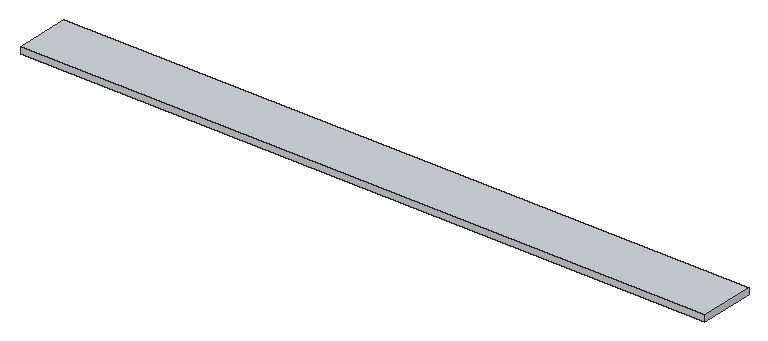
Revit family "Nibo Stone Vensterbank", category Generic Models, Revit 2023
Family settings
  Can host rebar = No
  Round Connector Dimension = Use Diameter
  Part Type = Normal
  OmniClass Number = 23.30.00.00
  OmniClass Title = Openings, Passages, Protection
  Work Plane-Based = Yes
  Always vertical = Yes
  Cut with Voids When Loaded = Yes
  Maintain Annotation Orientation = No
  Shared = No
  Room Calculation Point = No
Parameters
  vensterbank [instance] = none
  l [instance] = 2200 mm
  URL = "https://www.nibostone.nl/producten/vensterbanken"
  Type IFC Predefined Type = "USERDEFINED"
  Type Comments = "max. 2200 mm"
  Manufacturer = "NIBO STONE"
  Export Type to IFC As = "IfcWindowType"
  Default Elevation = 1219.2 mm
  6_300 [instance] = no
  5_275 [instance] = no
  4_250 [instance] = no
  3_225 [instance] = no
  2_200 [instance] = no
  1_175 [instance] = yes
Reference planes
  plane 1 "Center (Front/Back)": y = 0
  plane 2: z = 0
  plane 3 "Center (Left/Right)": x = 0
  plane 4 "1": y = -175
  plane 5 "2": y = -200
  plane 6 "3": y = -225
  plane 7 "4": y = -250
  plane 8 "5": y = -275
  plane 9 "6": y = -300
  plane 10: x = -1100
  plane 11: x = 1100
Forms (mm)
  Extrusion 1, solid, material <- "vensterbank", visible <- "1_175"
    sketch origin (0, 25, 0) x (0, 1, 0) y (0, 0, 1)
      loop
        line (-25, 0) -> (-25, 20) -> (-200, 20) -> (-200, 0) -> (-25, 0)
    from -1100 to 1100
  Extrusion 2, solid, material <- "vensterbank", visible <- "2_200"
    sketch origin (0, 0, 0) x (0, 1, 0) y (0, 0, 1)
      loop
        line (0, 0) -> (0, 20) -> (-200, 20) -> (-200, 0) -> (0, 0)
    from -1100 to 1100
  Extrusion 3, solid, material <- "vensterbank", visible <- "3_225"
    sketch origin (0, -25, 0) x (0, 1, 0) y (0, 0, 1)
      loop
        line (25, 0) -> (25, 20) -> (-200, 20) -> (-200, 0) -> (25, 0)
    from -1100 to 1100
  Extrusion 4, solid, material <- "vensterbank", visible <- "4_250"
    sketch origin (0, -50, 0) x (0, 1, 0) y (0, 0, 1)
      loop
        line (50, 0) -> (50, 20) -> (-200, 20) -> (-200, 0) -> (50, 0)
    from -1100 to 1100
  Extrusion 5, solid, material <- "vensterbank", visible <- "5_275"
    sketch origin (0, -75, 0) x (0, 1, 0) y (0, 0, 1)
      loop
        line (75, 0) -> (75, 20) -> (-200, 20) -> (-200, 0) -> (75, 0)
    from -1100 to 1100
  Extrusion 6, solid, material <- "vensterbank", visible <- "6_300"
    sketch origin (0, -100, 0) x (0, 1, 0) y (0, 0, 1)
      loop
        line (100, 0) -> (100, 20) -> (-200, 20) -> (-200, 0) -> (100, 0)
    from -1100 to 1100
Dimensions and locks
  Extrusion 1 sketch curve to Extrusion 1 sketch curve = 175 mm
  equal spacing: plane 4 "1", plane 5 "2", plane 6 "3", plane 7 "4", plane 8 "5", plane 9 "6"
  Extrusion 2 sketch curve to Extrusion 2 sketch curve = 200 mm
  Extrusion 3 sketch curve to Extrusion 3 sketch curve = 225 mm
  Extrusion 4 sketch curve to Extrusion 4 sketch curve = 250 mm
  Extrusion 5 sketch curve to Extrusion 5 sketch curve = 275 mm
  Extrusion 6 sketch curve to Extrusion 6 sketch curve = 300 mm
  equal spacing: plane 10, plane 3 "Center (Left/Right)", plane 11
  "l": plane 11 to plane 10
  aligned and locked: level to plane 2
  aligned and locked: plane 2 to Extrusion 1 sketch curve
  aligned and locked: Extrusion 1 to plane 1 "Center (Front/Back)"
  aligned and locked: plane 4 "1" to Extrusion 1
  aligned and locked: Extrusion 2 to plane 1 "Center (Front/Back)"
  aligned and locked: Extrusion 3 to plane 1 "Center (Front/Back)"
  aligned and locked: Extrusion 4 to plane 1 "Center (Front/Back)"
  aligned and locked: Extrusion 5 to plane 1 "Center (Front/Back)"
  aligned and locked: Extrusion 6 to plane 1 "Center (Front/Back)"
  aligned and locked: plane 10 to Extrusion 6
  aligned and locked: plane 11 to Extrusion 6
  aligned and locked: Extrusion 5 to plane 10
  aligned and locked: Extrusion 4 to plane 10
  aligned and locked: Extrusion 3 to plane 10
  aligned and locked: Extrusion 2 to plane 10
  aligned and locked: Extrusion 1 to plane 10
  aligned and locked: plane 11 to Extrusion 5
  aligned and locked: plane 11 to Extrusion 4
  aligned and locked: plane 11 to Extrusion 3
  aligned and locked: plane 11 to Extrusion 2
  aligned and locked: plane 11 to Extrusion 1
Automatic sketch dimensions
  Extrusion 1 sketch curve to plane 4 "1" = 0 mm
  level to Extrusion 1 sketch curve = 20 mm
  level to Extrusion 2 sketch curve = 0 mm
  Extrusion 2 sketch curve to plane 5 "2" = 0 mm
  Extrusion 2 sketch curve to Extrusion 2 sketch curve = 20 mm
  level to Extrusion 3 sketch curve = 0 mm
  Extrusion 3 sketch curve to plane 6 "3" = 0 mm
  Extrusion 3 sketch curve to Extrusion 3 sketch curve = 20 mm
  level to Extrusion 4 sketch curve = 0 mm
  Extrusion 4 sketch curve to plane 7 "4" = 0 mm
  Extrusion 4 sketch curve to Extrusion 4 sketch curve = 20 mm
  level to Extrusion 5 sketch curve = 0 mm
  Extrusion 5 sketch curve to plane 8 "5" = 0 mm
  Extrusion 5 sketch curve to Extrusion 5 sketch curve = 20 mm
  level to Extrusion 6 sketch curve = 0 mm
  Extrusion 6 sketch curve to plane 9 "6" = 0 mm
  Extrusion 6 sketch curve to Extrusion 6 sketch curve = 20 mm
